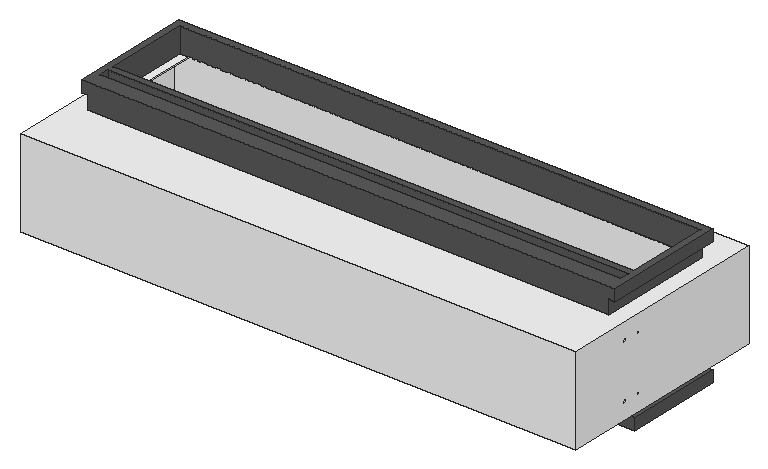
Revit family "C Series - C1020STIO - Front Intake", category Generic Models, host Face, Revit 2019
Family settings
  Host = Face
  Can host rebar = No
  Round Connector Dimension = Use Diameter
  Part Type = Normal
  Cut with Voids When Loaded = Yes
  Shared = Yes
  Room Calculation Point = No
Parameters (values of type "As Specified")
  URL = "https://www.montigo.com/"
  Top Offset Right = 0"
  Top Offset Left = 0"
  Manufacturer Website = "https://www.montigo.com/"
  Manufacturer Phone - Toll Free = "800-378-3115"
  Manufacturer Phone = ""
  Manufacturer Fax = ""
  Manufacturer Address = "27342 Gloucester Way  Langley, BC, Canada   V4W 4A1"
  Manufacturer = "Montigo"
  Length = 132 3/16"
  Intake Duct Offset = 6"
  Height = 51 113/256"
  HVAC_Exit Diameter = 8"
  HVAC_Entry Diameter = 7"
  HVAC_BTU Output = 0.0 Btu/h
  HVAC_BTU Input = 0.0 Btu/h
  Glazing Tint = Glass - Montigo - Tint as Specified
  Frame Material = Metal - Montigo - Black
  Firebox Material = Metal - Montigo - White
  Fire Place Opening Length = 43"
  Fire Place Opening = 29"
  Description = "Montigo Fireplace as Specified"
  Depth = 20 225/256"
  Default Elevation = 48"
  COOLPack Consumption = 1200 CFM
  Base Offset Right = 9"
  Base Offset Left = 9"
  Base Offset = 1"
  Base Height = 15"
  Assembly Code = "D3020"
Reference planes (in)
  plane 1 "Center (Front/Back)": y = 0
  plane 2: z = 0
  plane 3 "Center (Left/Right)": x = 0
  plane 4: x = -66.09375
  plane 5: x = 66.09375
  plane 6: y = 25.7207
  plane 7: y = -25.7207
  plane 8: y = -10.7207
  plane 9: z = 0
  plane 10: z = -20.87891
  plane 11: z = -10.43945
  plane 12: x = -63.5
  plane 13: x = 63.5
  plane 14: y = 18.2793
Forms (in)
  Extrusion 1, solid, material "Metal - Montigo - White" <- "Firebox Material"
    sketch origin (-60.41868, -180, 0) x (-1, 0, 0) y (0, -1, 0)
      loop
        line (5.67507, -205.7207) -> (5.67507, -154.2793) -> (-126.51243, -154.2793) -> (-126.51243, -205.7207) -> (5.67507, -205.7207)
    from 0 to -20.87891
  Extrusion 2, solid, material "Metal - Montigo - Black" <- "Frame Material"
    sketch origin (-60.41868, -180, 0) x (-1, 0, 0) y (0, -1, 0)
      loop
        line (3.08132, -198.2793) -> (3.08132, -169.2793) -> (-123.91868, -169.2793) -> (-123.91868, -198.2793) -> (3.08132, -198.2793)
    from 0 to 6
  Sweep 3, void
    path in 3D
      loop
        line (63.5, -10.7207, 6) -> (63.5, 18.2793, 6) -> (-63.5, 18.2793, 6) -> (-63.5, -10.7207, 6)
    profile origin (63.5, 3.7793, 6) x (-1, 0, 0) y (0, 0, 1)
      loop
        line (0, -6) -> (1.375, -6) -> (1.375, -2.75) -> (0, -2.75) -> (0, -6)
  Extrusion 4, void
    sketch origin (-60.41868, -180, 0) x (0, -1, 0) y (-1, 0, 0)
      loop
        line (-196.7168, 3.08132) -> (-196.7168, -123.91868) -> (-176.7168, -123.91868) -> (-176.7168, 3.08132) -> (-196.7168, 3.08132)
    from 0.125 to 20.75
  Extrusion 5, void
    sketch origin (-60.41868, -180, 0) x (0, -1, 0) y (-1, 0, 0)
      loop
        line (-196.7168, 1.58132) -> (-196.7168, -122.41868) -> (-176.7168, -122.41868) -> (-176.7168, 1.58132) -> (-196.7168, 1.58132)
    from -6 to 0
  Extrusion 6, void
    sketch origin (-60.41868, -180, 0) x (0, -1, 0) y (-1, 0, 0)
      loop
        line (-196.7168, -0.41868) -> (-196.7168, -120.41868) -> (-176.7168, -120.41868) -> (-176.7168, -0.41868) -> (-196.7168, -0.41868)
    from -1 to 1
  Extrusion 7, void
    sketch origin (-60.41868, -180, 0) x (0, -1, 0) y (-1, 0, 0)
      loop
        line (-175.2168, 1.58132) -> (-175.2168, -122.41868) -> (-172.8418, -122.41868) -> (-172.8418, 1.58132) -> (-175.2168, 1.58132)
    from -6 to -3.25
  Extrusion 8, void
    sketch origin (0, -1.69589, -0.88973) x (0, 1, 0) y (0, 0, 1)
      loop
        circle (-9.46231, -16.05168) r 0.4375
      loop
        circle (-5.46231, -16.05168) r 0.4375
      loop
        circle (-9.46231, -3.05168) r 0.4375
      loop
        circle (-5.46231, -3.05168) r 0.4375
    from 66.09375 to 65.46962
  Extrusion 9, solid, material "Metal - Montigo - Black" <- "Frame Material"
    sketch origin (-60.41868, -180, -20.87891) x (0, 1, 0) y (1, 0, 0)
      loop
        line (198.2793, -3.08132) -> (198.2793, 123.91868) -> (175.2793, 123.91868) -> (175.2793, -3.08132) -> (198.2793, -3.08132)
    from 0 to 6
  Sweep 10, void
    path in 3D
      loop
        line (63.5, -10.7207, -26.87891) -> (63.5, 18.2793, -26.87891) -> (-63.5, 18.2793, -26.87891) -> (-63.5, -10.7207, -26.87891)
    profile origin (63.5, 3.7793, -26.87891) x (1, 0, 0) y (0, 0, -1)
      loop
        line (0, -6) -> (0, -2.75) -> (-1.375, -2.75) -> (-1.375, -6) -> (0, -6)
  Extrusion 11, void
    sketch origin (-60.41868, -180, -20.87891) x (1, 0, 0) y (0, 1, 0)
      loop
        line (-1.58132, 196.7168) -> (-1.58132, 176.7168) -> (122.41868, 176.7168) -> (122.41868, 196.7168) -> (-1.58132, 196.7168)
    from -6 to 0
  Extrusion 12, void
    sketch origin (-60.41868, -180, -20.87891) x (1, 0, 0) y (0, 1, 0)
      loop
        line (0.41868, 196.7168) -> (0.41868, 176.7168) -> (120.41868, 176.7168) -> (120.41868, 196.7168) -> (0.41868, 196.7168)
    from -1 to 1
Cuts and joins
  Sweep 3, Extrusion 4, Extrusion 5, Extrusion 7, Sweep 10, Extrusion 11, Extrusion 12 cuts Extrusion 2
  Extrusion 4, Extrusion 5, Extrusion 6, Extrusion 7, Extrusion 8, Sweep 10, Extrusion 11, Extrusion 12 cuts Extrusion 1
  Sweep 10, Extrusion 11 cuts Extrusion 9
Lines and regions (in)
  symbolic lines
    curve 1: line (62.125, 53.21644, 0) -> (62.125, 49.96644, 0)
    curve 2: line (62.125, 49.96644, 0) -> (63.5, 49.96644, 0)
    curve 6: line (-62, -7.1582, 0) -> (62, -7.1582, 0)
    curve 7: line (62, -4.7832, 0) -> (-62, -4.7832, 0)
    curve 8: line (-62, -4.7832, 0) -> (-62, -7.1582, 0)
    curve 9: line (62, -4.7832, 0) -> (62, -7.1582, 0)
    curve 10: line (62, 16.7168, 0) -> (62, -3.2832, 0)
    curve 11: line (-62, -3.2832, 0) -> (-62, 16.7168, 0)
  sketch lines
    curve 3: line (63.5, -10.7207, 6) -> (63.5, 18.2793, 6)
    curve 4: line (63.5, 18.2793, 6) -> (-63.5, 18.2793, 6)
    curve 5: line (-63.5, 18.2793, 6) -> (-63.5, -10.7207, 6)
    curve 12: line (63.5, -10.7207, -26.87891) -> (63.5, 18.2793, -26.87891)
    curve 13: line (63.5, 18.2793, -26.87891) -> (-63.5, 18.2793, -26.87891)
    curve 14: line (-63.5, 18.2793, -26.87891) -> (-63.5, -10.7207, -26.87891)
Dimensions and locks (in)
  equal spacing: plane 4, plane 3 "Center (Left/Right)", plane 5
  "Length": plane 4 to plane 5
  equal spacing: plane 7, plane 1 "Center (Front/Back)", plane 6
  "Height": plane 7 to plane 6
  "Base Height": plane 7 to plane 8
  "Depth": plane 9 to plane 10
  equal spacing: plane 9, plane 11, plane 10
  locked: plane 4 to plane 12 at 2.59375
  locked: plane 13 to plane 5 at 2.59375
  "Fire Place Opening": plane 8 to plane 14
  locked: Extrusion 4 sketch curve to plane 8 at 7.4375
  locked: Extrusion 4 sketch curve to plane 14 at 1.5625
  locked: plane 8 to cut or joined group 1 (Extrusion 1, Extrusion 4, Extrusion 5, Extrusion 6, Extrusion 7, Extrusion 8, Sweep 10, Extrusion 11, Extrusion 12) at 7.4375
  locked: cut or joined group 1 to plane 14 at 1.5625
  locked: plane 12 to Extrusion 5 sketch curve at 1.5
  locked: Extrusion 5 sketch curve to plane 13 at 1.5
  locked: plane 12 to Extrusion 6 sketch curve at 3.5
  locked: Extrusion 6 sketch curve to plane 13 at 3.5
  locked: Extrusion 6 sketch curve to plane 14 at 1.5625
  locked: Extrusion 6 sketch curve to plane 8 at 7.4375
  locked: plane 12 to Extrusion 7 sketch curve at 1.5
  locked: Extrusion 7 sketch curve to plane 13 at 1.5
  locked: plane 8 to Extrusion 7 sketch curve at 5.9375
  locked: plane 8 to Extrusion 7 sketch curve at 3.5625
  locked: cut or joined group 1 to plane 5 at 0.62413
  aligned and locked: plane 2 to host face
  aligned and locked: level to host face
  aligned and locked: plane 6 to Extrusion 1 sketch curve
  aligned and locked: Extrusion 1 to plane 10
  aligned and locked: plane 5 to Extrusion 1
  aligned and locked: Extrusion 1 sketch curve to plane 7
  aligned and locked: plane 9 to level
  aligned and locked: plane 14 to Extrusion 2 sketch curve
  aligned and locked: plane 12 to Extrusion 2 sketch curve
  aligned and locked: Extrusion 2 sketch curve to plane 8
  aligned and locked: plane 13 to Extrusion 2 sketch curve
  aligned and locked: Extrusion 2 to level
  aligned and locked: plane 12 to Extrusion 4 sketch curve
  aligned and locked: plane 13 to Extrusion 4 sketch curve
  aligned and locked: Extrusion 2 to Extrusion 5
  aligned and locked: Extrusion 5 to level
  aligned and locked: Extrusion 2 to Extrusion 7
  aligned and locked: Extrusion 7 to Sweep 3
  aligned and locked: Extrusion 8 to cut or joined group 1
Automatic sketch dimensions
  host sketch curve to host sketch curve = 96"  (x2)
  Extrusion 1 sketch curve to plane 5 = 0"
  Extrusion 1 sketch curve to plane 4 = 0"
  curve 2 to plane 13 = 0"
  plane 13 to curve 2 = 1 3/8"
  plane 13 to curve 6 = 1 1/2"
  plane 12 to curve 8 = 1 1/2"
  curve 2 to plane 6 = 24.24574"
  plane 1 "Center (Front/Back)" to curve 7 = 4.7832"
  curve 7 to curve 8 = 2 3/8"
  plane 13 to curve 10 = 1 1/2"
  curve 11 to curve 7 = 0"
  curve 1 to curve 1 = 3 1/4"
  plane 14 to curve 10 = 1 9/16"
  plane 14 to curve 11 = 1 9/16"
  curve 11 to curve 7 = 1 1/2"
  curve 10 to curve 7 = 1 1/2"
  Sweep 3 sketch curve to profile plane = 0"
  Sweep 3 sketch curve to Sweep 3 sketch curve = 1 3/8"
  Sweep 3 sketch curve to profile plane = 6"
  Sweep 3 sketch curve to profile plane = 2 3/4"
  plane 14 to Extrusion 5 sketch curve = 1 9/16"
  plane 1 "Center (Front/Back)" to Extrusion 5 sketch curve = 3.2832"
  plane 8 to Extrusion 8 sketch curve = 7/16"  (x2)
  Extrusion 8 sketch curve to plane 8 = 3 9/16"  (x2)
  plane 10 to Extrusion 8 sketch curve = 3 15/16"  (x2)
  Extrusion 8 sketch curve to level = 3 241/256"  (x2)
  Extrusion 9 sketch curve to plane 8 = 6"
  Extrusion 9 sketch curve to plane 12 = 0"
  plane 14 to Extrusion 9 sketch curve = 0"
  Extrusion 9 sketch curve to plane 13 = 0"
  profile plane to Sweep 10 sketch curve = 0"
  Sweep 10 sketch curve to Sweep 10 sketch curve = 1 3/8"
  Sweep 10 sketch curve to profile plane = 6"
  Sweep 10 sketch curve to profile plane = 2 3/4"
  plane 12 to Extrusion 11 sketch curve = 1 1/2"
  plane 13 to Extrusion 11 sketch curve = 1 1/2"
  plane 1 "Center (Front/Back)" to Extrusion 11 sketch curve = 3.2832"
  plane 14 to Extrusion 11 sketch curve = 1 9/16"
  plane 12 to Extrusion 12 sketch curve = 3 1/2"
  plane 13 to Extrusion 12 sketch curve = 3 1/2"
  plane 1 "Center (Front/Back)" to Extrusion 12 sketch curve = 3.2832"
  plane 14 to Extrusion 12 sketch curve = 1 9/16"
  radius of Extrusion 8 sketch curve = 7/16"  (x4)
